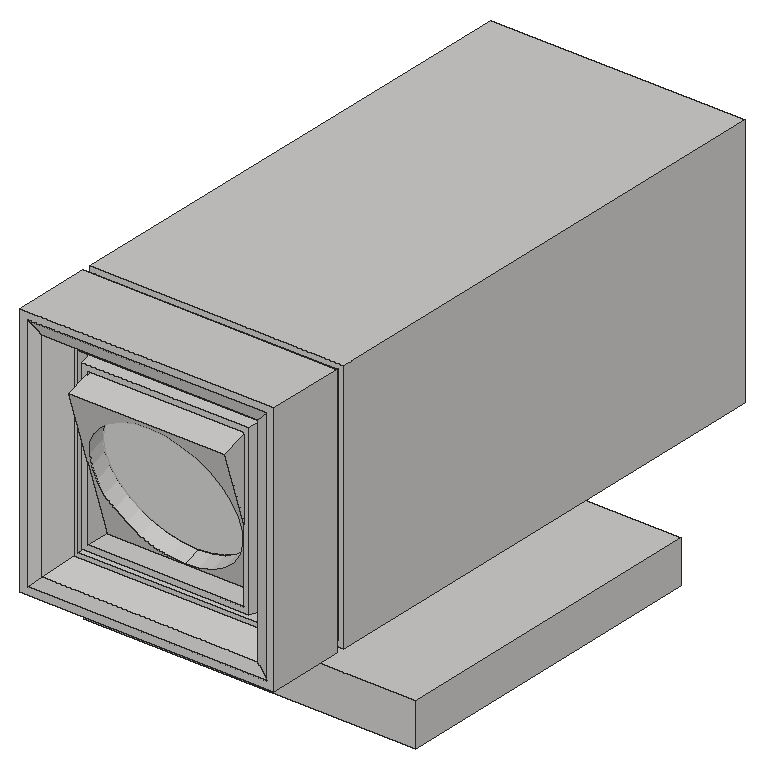
Revit family "Lighting-Luminii-Leto_44_WM_A_LRG new", category Lighting Fixtures, host Face, Revit 2020
Family settings
  Host = Face
  Round Connector Dimension = Use Diameter
  Part Type = Normal
  OmniClass Number = 23.80.70.11.14.11
  OmniClass Title = Downlights
  Cut with Voids When Loaded = No
  Light Source = Yes
  Shared = Yes
  Room Calculation Point = No
Parameters (values of type "Leto 44 WM A LRG")
  Width = 0' - 3 189/256"  # constant formula
  Wattage Comments = "6.5W"
  Wattage = 6.49954 W
  Warranty URL = "https://www.luminii.com/terms-conditions/"
  built-in parameter 1150110 = 1 (stored number, unit not read)
  Voltage Comments = "120V | 277V | 347V"  # constant formula
  Voltage = 120 V
  Version = "2020 - v1.0a"  # constant formula
  URL = "https://www.luminii.com/"
  built-in parameter 1114217 = 1 (stored number, unit not read)
  Tilt Angle = 0.00°  # constant formula
  built-in parameter 1150109 = 1 (stored number, unit not read)
  built-in parameter 1150134 = (empty or 0)
  built-in parameter 1150113 = 1 (stored number, unit not read)
  Support Phone = "224-699-9545"  # constant formula
  Support Email = "mailto:support@bimsmith.com"
  Product Page URL = "https://www.luminii.com/product/leto-44-wm-a-lrg/"
  Power Source Type = "Driver"  # constant formula
  Power Factor = 1
  Photometric Web File = "719A-A90-615-30-07-00.ies"
  Phase = 1
  Operating Temperature = "Consult Manufacturer Website for more Information"  # constant formula
  Number of Poles = if(and(or(Voltage = 120 V, Voltage = 277 V), Phase = 1), 1, if(and(or(Voltage = 208 V, Voltage = 240 V), Phase = 1), 2, if(and(or(Voltage = 208 V, Voltage = 240 V), Phase = 3), 3, if(and(Voltage > 300 V, Phase = 1), 2, if(and(Voltage > 400 V, Phase = 3), 3, 1)))))  # 1
  Mounting Method = "Wall Mount"  # constant formula
  Model = "719A"  # constant formula
  Manufacturer Phone Number = "403-216-7043"  # constant formula
  Manufacturer Email = "mailto: info@sensolighting.com"
  Manufacturer Address = "302 50 Ave SE. Calgary, Alberta, T2G 2A9 Canada"  # constant formula
  Manufacturer = "Luminii"  # constant formula
  built-in parameter 1150105 = 55.704 (stored number, unit not read)
  Lumens = 700 lm
  Luminaire Type = "Asymmetric Wall Mounted LED Downlight"  # constant formula
  built-in parameter 1150115 = 1 (stored number, unit not read)
  Load Classification = Lighting
  built-in parameter 1150137 = (empty or 0)
  built-in parameter 1150139 = (empty or 0)
  Lens Material = Plastic - Luminii - Frosted Lens
  Length [instance] = 0' - 8 169/256"  # constant formula
  built-in parameter 1150112 = 1 (stored number, unit not read)
  built-in parameter 1150114 = 1 (stored number, unit not read)
  Lamp Life = 1
  Lamp = "LED"  # constant formula
  Keynote = "26 50 00"
  built-in parameter 1150132 = 2
  built-in parameter 1150102 = (empty or 0)
  built-in parameter 1150107 = 3500 (stored number, unit not read)
  Initial Color Comments = "Perfomance based on 3500K Photometric Web File"  # constant formula
  built-in parameter 1150138 = (empty or 0)
  built-in parameter 1150106 = 0.55704 (stored number, unit not read)
  Housing Protection Rating = "Consult Manufacturer Website for more Information"  # constant formula
  Has Dimming = 1 = 1  # yes
  Has Battery Backup = 0 = 1  # no
  Frequency Comments = ""  # constant formula
  Frequency = 60 Hz
  Finish = Metal - Luminii - Silver Anodized Aluminum
  Environment = "Indoor"  # constant formula
  built-in parameter 1150104 = 10.006 (stored number, unit not read)
  Dimming Type = "Consult Manufacturer Website for more Information"  # constant formula
  Dimming Lamp Color Temperature Shift = <None>
  Description = "Asymmetric Wall Mount LED Downlight"  # constant formula
  Depth = 0' - 3 189/256"  # constant formula
  Default Elevation = 0' - 0"  # constant formula
  Current Amps = 50 A
  Copyright = "©2024 Luminii"  # constant formula
  Control Zone = "Consult Manufacturer Website for more Information"  # constant formula
  Control Type = "Consult Manufacturer Website for more Information"  # constant formula
  Constraints = 1  # constant formula
  Color Filter = 16777215
  built-in parameter 1114216 [instance] = 0  # (empty or 0)
  built-in parameter 1140040 [instance] = 1 = 1  # 1
  CCT = "3500K"
  built-in parameter 1114218 = 1 (stored number, unit not read)
  built-in parameter 1150133 = 10 (stored number, unit not read)
  Assembly Code = "D5020200"
  Apparent Load = Wattage / Power Factor  # 6.49954 VA
Reference planes (in)
  plane 1 "Center (Front/Back)": y = 0
  plane 2: z = 0
  plane 3 "Center (Left/Right)": x = 0
  plane 4: x = 2.44094
  plane 5: x = -2.44094
  plane 6: y = 2.44094
  plane 7: y = -2.44094
  plane 8: z = 3.25
Forms (in)
  Extrusion 1, solid, material "Metal - Luminii - Silver Anodized Aluminum", not visible
    sketch origin (0, 0, 0) x (1, 0, 0) y (0, 1, 0)
      loop
        circle (0, 0) r 0.5
    from 0 to -0.17225
Dimensions and locks (in)
  equal spacing: plane 5, plane 3 "Center (Left/Right)", plane 4
  equal spacing: plane 6, plane 1 "Center (Front/Back)", plane 7
  aligned and locked: plane 2 to host face
  aligned and locked: plane 3 "Center (Left/Right)" to Extrusion 1 sketch curve
  aligned and locked: plane 1 "Center (Front/Back)" to Extrusion 1 sketch curve
  aligned and locked: plane 2 to Extrusion 1  (x2)
  aligned and locked: imposter light to plane 3 "Center (Left/Right)"
  aligned and locked: imposter light to plane 8
Automatic sketch dimensions
  host sketch curve to host sketch curve = 8' - 0"  (x2)
  radius of Extrusion 1 sketch curve = 0' - 0 1/2"
Nested families (in)
  nested 1: "Nested - Lamp" at (0, 0, 0), type "Nested - Lamp"
Connectors (in)
  electrical at (0, 0, 0), driven by "Number of Poles", driven by "Load Classification", driven by "Voltage", driven by "Apparent Load", driven by "Power Factor"
    settings: on Extrusion 1, index 1, voltage 120 V, apparent load 6.49954 VA, apparent load phase1 0 VA, apparent load phase2 0 VA, apparent load phase3 0 VA, power factor 1, load classification "Lighting", number of poles 1, system type 30, power factor state 1, is connector primary yes, connector utility no, sub classification motor no, connector description "Power Connection"
Definition of nested family "Nested - Lamp"
  Parameters (values of type "Nested - Lamp")
    Width = 0' - 5.57087"  # constant formula
    Screen Material = none
    Inner Screen = none
    Height = 0' - 6.49606"  # constant formula
    Finish = none
    Default Elevation = 4' - 0"
    Constraint = 3
  Reference planes (in)
    plane 1 "Center (Front/Back)": y = 0
    plane 2: z = 0
    plane 3 "Center (Left/Right)": x = 0
  Forms (in)
    Extrusion 1, solid
      sketch origin (0, 0, 0) x (1, 0, 0) y (0, 1, 0)
        loop
          line (-48, 48) -> (-48, -48) -> (48, -48) -> (48, 48) -> (-48, 48)
      from 0 to -12
    Sweep 2, solid, material <- "Finish", detail levels medium+fine
      path origin (-0.03362, -2.16535, 5.58071) x (0, 0, 1) y (-1, 0, 0)
        loop
          line (-0.46063, -1.9037) -> (-0.46063, 1.83645) -> (-4.20079, 1.83645) -> (-4.20079, -1.9037) -> (-0.46063, -1.9037)
      profile origin (1.87008, -2.16535, 3.25) x (0, -1, 0) y (1, 0, 0)
        loop
          line (-6.49606, 0) -> (-6.49606, -0.07874) -> (-6.29921, -0.07874) -> (-6.29921, -0.21654) -> (1.03136, -0.21654) -> (1.03136, -0.72029) -> (1.82677, -0.72029) -> (1.82677, -0.63719) -> (1.56496, -0.60039)
          arc (1.56496, -0.60039) -> (1.54128, -0.57657) -> (1.56046, -0.54899) r 0.02623
          line (1.56046, -0.54899) -> (1.77165, -0.53051) -> (1.77165, -0.47327) -> (2.11411, -0.27656) -> (2.16535, -0.10635) -> (2.16535, 0) -> (1.00394, 0) -> (1.00394, -0.07874) -> (0.88583, -0.07874) -> (0.88583, 0) -> (-6.49606, 0)
    Extrusion 3, solid, material <- "Screen Material"
      sketch origin (0, -4.66175, 4.06477) x (1, 0, 0) y (0, -0.309017, 0.951057)
        loop
          circle (0, -1.08071) r 1.10236
      from -0.63122 to -0.62137
    Extrusion 4, solid, material <- "Finish"
      sketch origin (1.59205, -4.31001, 5.85304) x (0, 0.309017, -0.951057) y (1, 0, 0)
        loop
          line (3.82255, -0.44226) -> (1.52297, -0.44226) -> (1.52297, -2.74184) -> (3.82255, -2.74184) -> (3.82255, -0.44226)
        loop
          circle (2.67276, -1.59205) r 1.10236
      from -0.12232 to 0.51772
    Extrusion 5, solid, material <- "Finish"
      sketch origin (1.59205, -5.75094, 5.38485) x (0, 0.309017, -0.951057) y (1, 0, 0)
        loop
          circle (2.67276, -1.59205) r 1.10236
      from -1.25917 to -1.79277
    Extrusion 6, solid, material <- "Finish", detail levels medium+fine
      sketch origin (-0.03362, -1.54973, 5.11766) x (0, 0, 1) y (-1, 0, 0)
        loop
          line (-0.07632, -1.82496) -> (-0.07632, 1.75771) -> (-3.659, 1.75771) -> (-3.659, -1.82496) -> (-0.07632, -1.82496)
        loop
          line (-1.27711, -0.30922) -> (-0.68656, -0.30922)
          arc (-0.68656, -0.30922) -> (-0.41097, -0.03362) -> (-0.68656, 0.24197) r 0.27559
          line (-0.68656, 0.24197) -> (-1.27711, 0.24197)
          arc (-1.27711, 0.24197) -> (-1.49982, 0.33422) -> (-1.59207, 0.55693) r 0.31496
          line (-1.59207, 0.55693) -> (-1.59207, 1.14748)
          arc (-1.59207, 1.14748) -> (-1.86766, 1.42307) -> (-2.14325, 1.14748) r 0.27559
          line (-2.14325, 1.14748) -> (-2.14325, 0.55693)
          arc (-2.14325, 0.55693) -> (-2.2355, 0.33422) -> (-2.45821, 0.24197) r 0.31496
          line (-2.45821, 0.24197) -> (-3.04876, 0.24197)
          arc (-3.04876, 0.24197) -> (-3.32435, -0.03362) -> (-3.04876, -0.30922) r 0.27559
          line (-3.04876, -0.30922) -> (-2.45821, -0.30922)
          arc (-2.45821, -0.30922) -> (-2.2355, -0.40147) -> (-2.14325, -0.62418) r 0.31496
          line (-2.14325, -0.62418) -> (-2.14325, -1.21473)
          arc (-2.14325, -1.21473) -> (-1.86766, -1.49032) -> (-1.59207, -1.21473) r 0.27559
          line (-1.59207, -1.21473) -> (-1.59207, -0.62418)
          arc (-1.59207, -0.62418) -> (-1.49982, -0.40147) -> (-1.27711, -0.30922) r 0.31496
      from -5.75828 to -5.68358
    Extrusion 7, solid, material <- "Finish", detail levels medium+fine
      sketch origin (-0.03362, -1.51036, 5.11766) x (0, 0, 1) y (-1, 0, 0)
        loop
          line (-0.07632, -1.82496) -> (-0.07632, 1.75771) -> (-3.659, 1.75771) -> (-3.659, -1.82496) -> (-0.07632, -1.82496)
        loop
          circle (-1.86766, -0.03362) r 0.87104
        loop
          circle (-1.86766, -0.03362) r 0.71409
      from -5.36862 to -5.30882
    Sweep 8, solid, material <- "Finish", detail levels coarse
      path origin (-0.03362, -2.16535, 5.58071) x (0, 0, 1) y (-1, 0, 0)
        loop
          line (-0.46063, -1.9037) -> (-0.46063, 1.83645) -> (-4.20079, 1.83645) -> (-4.20079, -1.9037) -> (-0.46063, -1.9037)
      profile origin (1.87008, -2.16535, 3.25) x (0, -1, 0) y (1, 0, 0)
        loop
          line (-6.49606, 0) -> (-6.49606, -0.07874) -> (-6.29921, -0.07874) -> (-6.29921, -0.21654) -> (1.24789, -0.21654) -> (1.24789, -0.72029) -> (1.82677, -0.72029) -> (1.82677, -0.44161) -> (2.11411, -0.27656) -> (2.16535, -0.10635) -> (2.16535, 0) -> (-6.49606, 0)
    Extrusion 9, solid, material <- "Finish"
      sketch origin (-0.03362, 1.25, 6.49606) x (0, 1, 0) y (-1, 0, 0)
        loop
          line (1.19094, 2.40732) -> (-3.69094, 2.40732) -> (-3.69094, -2.47457) -> (1.19094, -2.47457) -> (1.19094, 2.40732)
      from -6.49606 to -5.86614
    Extrusion 10, solid, material <- "Finish"
      sketch origin (-0.03362, 1.25, 6.49606) x (0, 1, 0) y (-1, 0, 0)
        loop
          line (-0.38386, -0.89977) -> (-0.38386, 0.83252) -> (-2.11614, 0.83252) -> (-2.11614, -0.89977) -> (-0.38386, -0.89977)
      from -5.11614 to -5.86614
    Extrusion 11, solid, material <- "Finish", detail levels coarse
      sketch origin (-0.03362, -1.54973, 5.11766) x (0, 0, 1) y (-1, 0, 0)
        loop
          line (-0.07632, -1.82496) -> (-0.07632, 1.75771) -> (-3.659, 1.75771) -> (-3.659, -1.82496) -> (-0.07632, -1.82496)
      from -5.75828 to -5.68358
  Lines and regions (in)
    reference lines
      curve 1: line (0, -3.67211, 3.74213) -> (0, -3.67211, 2.75787)
      curve 2: line (0, 4.33071, 3.25) -> (0, -4.92126, 3.25)
  Dimensions and locks (in)
    aligned and locked: plane 2 to Extrusion 1
    aligned and locked: level to Extrusion 1
